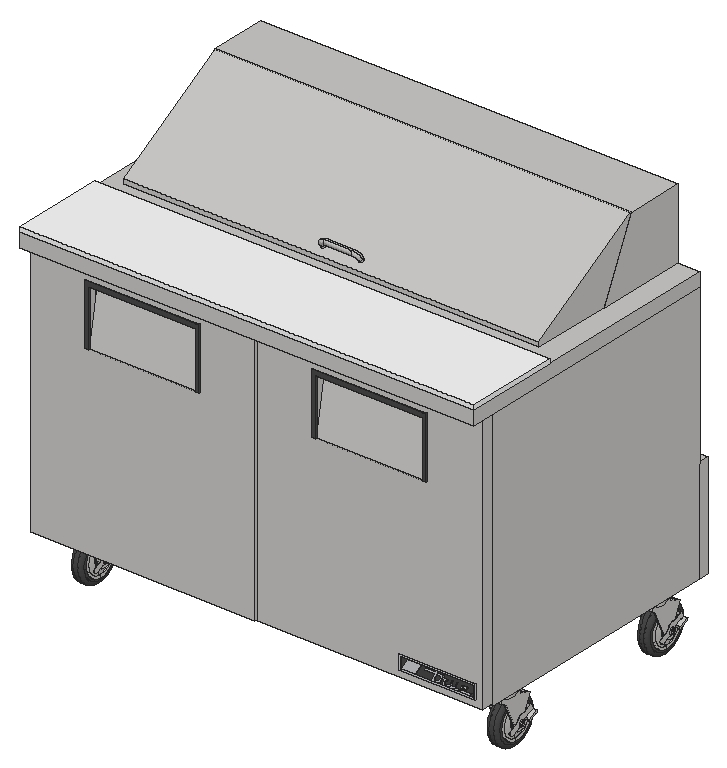
Revit family "QF_TRUE_TSSU-48-12-HC", category Specialty Equipment, Revit 2016
Family settings
  Part Type = Normal
  Round Connector Dimension = Use Diameter
  Work Plane-Based = No
  Always vertical = Yes
  Cut with Voids When Loaded = No
  Shared = No
  Room Calculation Point = No
Parameters
  Weight in Pounds = 340
  Watts = if(Phase = 3, Volts * FL Amps * 1.73, Volts * FL Amps)  # 667 W
  Volts = 115 V
  URL Cutsheet = ""
  Specification by User = ""
  Specification by Manufacturer = ""
  Show Seismic Flanged [instance] = yes
  Show Logo [instance] = yes
  Show Legs [instance] = yes
  Show Clearance [instance] = yes
  Show 6 Inches Castors [instance] = if(Show 2.5 Inches Castors, or(Show Legs, Show Seismic Flanged), if(Show Seismic Flanged, Show Legs, not(or(Show Legs, Show Seismic Flanged, Show 2.5 Inches Castors))))  # yes
  Show 2.5 Inches Castors [instance] = yes
  Serial Number = ""
  Seismic Rating = ""
  Seismic Flanged [instance] = and(Show Seismic Flanged, not(Show 6 Inches Castors))  # no
  SMACNA No = ""
  Revision Code = ""
  Phase = 1
  Number of Poles = 1
  NAFEM Spec ID Number = ""
  Model = "TSSU-48-12-HC"
  Min Ckt Ampacity = 0 A
  Max Overcurrent Protection = 0 A
  Masterspec = ""
  Manufacturer = "TRUE"
  Length = 48 5/16"
  Legs [instance] = and(not(Show 2.5 Inches Castors), or(Show Legs, Show Seismic Flanged))  # no
  Item Number = ""
  Installed By = ""
  Identify Quantity as Lot = yes
  Height = 42 15/16"
  HP = "1/3"
  Furnished By = ""
  Foodservice Equipment Identifier = yes
  FL Amps = 5.8 A
  Electrical Remarks = ""
  Electric Connection Type = ""
  Elec Conn RI Height = 0"
  Elec Conn Connection Height = 0"
  Description = "SOLID DOOR SANDWICH/SALAD UNIT WITH HYDROCARBON REFRIGERANT"
  Depth = 30 1/16"
  Cycle = 60 Hz
  Conn Plug = "NEMA 5-15P"
  Conn Conduit = yes
  CSI MasterFormat = ""
  Base Height [instance] = if(Show 6 Inches Castors, 6 3/16", if(Show 2.5 Inches Castors, 2 1/2", if(Show Legs, 6", if(Show Seismic Flanged, 6", 6 3/16"))))  # 6 3/16"
  Apparent Power = if(Phase = 3, Volts * FL Amps * 1.73, Volts * FL Amps)  # 667 VA
  2.5 Inches Castors [instance] = and(Show 2.5 Inches Castors, not(Show 6 Inches Castors))  # no
Reference planes (in)
  plane 1 "BACK": y = 0
  plane 2: z = 0
  plane 3 "LEFT": x = 0
  plane 4 "RIGHT": x = 48.3125
  plane 5 "FRONT": y = -30.0625
  plane 6 "TOP": z = 42.9375
  plane 7 "Center Y": x = 24.15625
  plane 8 "Center X": y = -15.03125
  plane 9: y = 1
  plane 10: y = -51.53125
  plane 11: x = 2.5
  plane 12: x = 45.8125
  plane 13: z = 6.1875
Forms (in)
  Extrusion 1, solid, material "QF_Metal - Stainless - Polished"
    sketch origin (48.3125, 1, 6.1875) x (-1, 0, 0) y (0, 0, 1)
      loop
        circle (24.15625, 8.48894) r 0.25
    from 0 to 1
Dimensions and locks (in)
  equal spacing: plane 3 "LEFT", plane 7 "Center Y", plane 4 "RIGHT"
  "Length": plane 3 "LEFT" to plane 4 "RIGHT"
  equal spacing: plane 5 "FRONT", plane 8 "Center X", plane 1 "BACK"
  "Depth": plane 5 "FRONT" to plane 1 "BACK"
  "Height": plane 6 "TOP" to level
  plane 5 "FRONT" to plane 1 "BACK" = 30 1/16"
  plane 6 "TOP" to plane 13 = 36 3/4"
  plane 4 "RIGHT" to plane 3 "LEFT" = 48 5/16"
  plane 10 to plane 9 = 52 17/32"
  plane 10 to plane 5 "FRONT" = 21 15/32"  (x2)
  plane 9 to plane 10 = 52 17/32"
  locked: plane 11 to plane 3 "LEFT" at 2.5
  locked: plane 12 to plane 4 "RIGHT" at 2.5
  nested 5 to nested 5 = 6 1/8"
  plane 1 "BACK" to plane 9 = 1"
  nested 5 to nested 5 = 10 3/4"
  nested 5 to nested 5 = 1/2"
  nested 5 to nested 5 to nested 5 = 44 7/16", 1 17/32"
  plane 6 "TOP" to nested 5 to plane 13 = 7", 29 3/4"
  nested 5 to level = 35 15/16"
  nested 5 to nested 5 to plane 4 "RIGHT" = 12 5/8", 19 5/8"
  "Base Height": plane 13 to level
  aligned and locked: level to plane 2
  aligned and locked: plane 12 to nested 4
  aligned and locked: plane 12 to nested 2
  aligned and locked: plane 13 to nested 5
Automatic sketch dimensions
  Extrusion 1 sketch curve to nested 5 = 2.63606"
  nested 5 to Extrusion 1 sketch curve = 24 5/32"
  radius of Extrusion 1 sketch curve = 1/4"
Nested families (in)
  nested 1: "CASTORS" at (2.5, -4.5, 0), Show 2.5" Casters <- "2.5 Inches Castors", Show 6" Casters <- "Show 6 Inches Castors", Show Standard Legs <- "Legs", Show Seismic flanged legs <- "Seismic Flanged", type "CASTORS"
    with Type Mark "", Status "", Specification by User "", Show Standard Legs no, Show Seismic flanged legs no, Show 6" Casters yes, Show 2.5" Casters no, Revision Code "", Key Locks yes, Item Number "", Installed By "", Identify Quantity as Lot yes, Furnished By "", Foodservice Equipment Identifier yes
  nested 2: "CASTORS" at (46.72297, -4.5, 0), Show 2.5" Casters <- "2.5 Inches Castors", Show 6" Casters <- "Show 6 Inches Castors", Show Standard Legs <- "Legs", Show Seismic flanged legs <- "Seismic Flanged", type "CASTORS"
    with Type Mark "", Status "", Specification by User "", Show Standard Legs no, Show Seismic flanged legs no, Show 6" Casters yes, Show 2.5" Casters no, Revision Code "", Key Locks yes, Item Number "", Installed By "", Identify Quantity as Lot yes, Furnished By "", Foodservice Equipment Identifier yes
  nested 3: "CASTORS" at (2.5, -24.5, 0), Show 2.5" Casters <- "2.5 Inches Castors", Show 6" Casters <- "Show 6 Inches Castors", Show Standard Legs <- "Legs", Show Seismic flanged legs <- "Seismic Flanged", type "CASTORS"
    with Type Mark "", Status "", Specification by User "", Show Standard Legs no, Show Seismic flanged legs no, Show 6" Casters yes, Show 2.5" Casters no, Revision Code "", Key Locks yes, Item Number "", Installed By "", Identify Quantity as Lot yes, Furnished By "", Foodservice Equipment Identifier yes
  nested 4: "CASTORS" at (46.72297, -24.5, 0), Show 2.5" Casters <- "2.5 Inches Castors", Show 6" Casters <- "Show 6 Inches Castors", Show Standard Legs <- "Legs", Show Seismic flanged legs <- "Seismic Flanged", type "CASTORS"
    with Type Mark "", Status "", Specification by User "", Show Standard Legs no, Show Seismic flanged legs no, Show 6" Casters yes, Show 2.5" Casters no, Revision Code "", Key Locks yes, Item Number "", Installed By "", Identify Quantity as Lot yes, Furnished By "", Foodservice Equipment Identifier yes
  nested 5: "TSSU-48-12-HC" at (0, 0, 2.25), type "TSSU-48-12-HC"
Connectors (in)
  electrical at (24.15625, 2, 14.67644), driven by "Volts", driven by "Apparent Power"
    settings: on Extrusion 1, index 1, voltage 115 V, apparent load 0 VA, apparent load phase1 667 VA, apparent load phase2 0 VA, apparent load phase3 0 VA, power factor 1, load classification "Other", number of poles 1, system type 31, power factor state 1, is connector primary yes, connector utility no, sub classification motor no, connector description "ELECTRICAL INLET"
Definition of nested family "CASTORS"
  Parameters (values of type "CASTORS")
    Weight = ""
    URL Manufacturer = ""
    URL Cutsheet = ""
    URL = ""
    Type Mark [instance] = ""
    Status [instance] = ""
    Specification by User [instance] = ""
    Specification by Manufacturer = ""
    Show Standard Legs [instance] = yes
    Show Seismic flanged legs [instance] = yes
    Show 6" Casters [instance] = yes
    Show 2.5" Casters [instance] = yes
    Serial Number = ""
    Seismic Rating = ""
    SMACNA No = ""
    Revision Code [instance] = ""
    Omniclass Number and Title = ""
    NAFEM Spec ID Number = ""
    Model = ""
    MasterSpec. = ""
    Manufacturer = ""
    Key Locks [instance] = yes
    Item Number [instance] = ""
    Installed By [instance] = ""
    Identify Quantity as Lot [instance] = yes
    Furnished By [instance] = ""
    Foodservice Equipment Identifier [instance] = yes
    Description = ""
    CSI MasterFormat = ""
    CSI Master Format = ""
    Assembly Code = ""
  Reference planes (in)
    plane 1: z = 0
    plane 2 "RIGHT": x = 0
    plane 3 "FRONT": y = 0
    plane 4 "TOP": z = 6
    plane 5: z = 6.1875
  Forms (in)
    Revolve 1, solid, visible <- "Show 6" Casters"
      sketch origin (0, 2.21793, 0) x (0, 1, 0) y (0, 0, 1)
        loop
          line (-2.21793, 6.1875) -> (-2.21793, 5.55584) -> (-0.93693, 5.55584) -> (-0.93693, 6.1875) -> (-2.21793, 6.1875)
        axis (-2.21793, 5.55584) -> (-2.21793, 6.1875)
      angle from 0 to 360
    Extrusion 2, solid, visible <- "Show 6" Casters"
      sketch origin (-1.81294, 2.21793, 0) x (0, 1, 0) y (0, 0, 1)
        loop
          line (-3.37793, 5.55584) -> (-3.37793, 5.25584) -> (-3.23369, 5.25584)
          arc (-3.23369, 5.25584) -> (-3.1238, 5.20977) -> (-3.03725, 5.12786) r 0.33195
          line (-3.03725, 5.12786) -> (-1.55521, 1.94961)
          arc (-1.55521, 1.94961) -> (-0.54268, 1.81523) -> (-0.22336, 2.78544) r 0.8
          arc (-0.22336, 2.78544) -> (-0.27816, 2.89808) -> (-0.34988, 3.00079) r 0.8
          arc (-0.34988, 3.00079) -> (-0.37005, 3.3613) -> (-0.26088, 3.70547) r 1
          line (-0.26088, 3.70547) -> (0.31507, 4.78867)
          arc (0.31507, 4.78867) -> (-0.09241, 4.97284) -> (-0.5252, 5.08531) r 2.63
          line (-0.5252, 5.08531) -> (-0.54193, 5.25584) -> (-1.05793, 5.25584) -> (-1.05793, 5.55584) -> (-3.37793, 5.55584)
      from 0.78968 to 0.90247
    Extrusion 3, solid, visible <- "Show 6" Casters"
      sketch origin (0.13094, 2.21793, 0) x (0, 1, 0) y (0, 0, 1)
        loop
          line (-3.37793, 5.55584) -> (-3.37793, 5.25584) -> (-3.23369, 5.25584)
          arc (-3.23369, 5.25584) -> (-3.1238, 5.20977) -> (-3.03725, 5.12786) r 0.33195
          line (-3.03725, 5.12786) -> (-1.55521, 1.94961)
          arc (-1.55521, 1.94961) -> (-0.54268, 1.81523) -> (-0.22336, 2.78544) r 0.8
          arc (-0.22336, 2.78544) -> (-0.27816, 2.89808) -> (-0.34988, 3.00079) r 0.8
          arc (-0.34988, 3.00079) -> (-0.37005, 3.3613) -> (-0.26088, 3.70547) r 1
          line (-0.26088, 3.70547) -> (0.31507, 4.78867)
          arc (0.31507, 4.78867) -> (-0.09241, 4.97284) -> (-0.5252, 5.08531) r 2.63
          line (-0.5252, 5.08531) -> (-0.54193, 5.25584) -> (-1.05793, 5.25584) -> (-1.05793, 5.55584) -> (-3.37793, 5.55584)
      from 0.78968 to 0.90247
    Extrusion 4, solid, visible <- "Show 6" Casters"
      sketch origin (-1.93794, 2.21793, 0) x (0, 1, 0) y (0, 0, 1)
        loop
          line (-3.37793, 5.55584) -> (-3.37793, 5.25584) -> (-3.23369, 5.25584) -> (-0.7432, 5.03796) -> (0.2811, 4.72479) -> (0.31507, 4.78867)
          arc (0.31507, 4.78867) -> (-0.09241, 4.97284) -> (-0.5252, 5.08531) r 2.63
          line (-0.5252, 5.08531) -> (-0.54193, 5.25584) -> (-1.05793, 5.25584) -> (-1.05793, 5.55584) -> (-3.37793, 5.55584)
      from 1.02747 to 2.85669
    Revolve 5, solid, visible <- "Show 6" Casters"
      sketch origin (-1.93794, 1.21343, 0) x (1, 0, 0) y (0, 0, 1)
        loop
          line (0.5843, 2.5041) -> (3.2907, 2.5041) -> (3.2907, 2.6421) -> (3.2407, 2.6921) -> (3.1807, 2.6921) -> (3.1807, 2.8278) -> (2.7025, 2.8278) -> (2.7025, 3.22009) -> (2.5625, 3.30092) -> (2.42847, 4.1291) -> (2.59375, 4.1291) -> (2.59375, 4.3791) -> (2.5625, 4.3791) -> (2.5625, 4.6291)
          arc (2.5625, 4.6291) -> (2.45267, 4.89426) -> (2.1875, 5.0041) r 0.375
          line (2.1875, 5.0041) -> (1.6875, 5.0041)
          arc (1.6875, 5.0041) -> (1.42233, 4.89426) -> (1.3125, 4.6291) r 0.375
          line (1.3125, 4.6291) -> (1.3125, 4.3791) -> (1.28125, 4.3791) -> (1.28125, 4.1291) -> (1.44653, 4.1291) -> (1.31307, 3.30443) -> (1.1725, 3.22327) -> (1.1725, 2.8278) -> (0.6943, 2.8278) -> (0.6943, 2.6921) -> (0.6343, 2.6921) -> (0.5843, 2.6421) -> (0.5843, 2.5041)
        axis (0.5843, 2.5041) -> (3.2907, 2.5041)
      angle from 0 to 360
    Extrusion 6, solid, visible <- "Show 6" Casters"
      sketch origin (1.125, 2.28164, 0.06473) x (0, 1, 0) y (0, 0, 1)
        loop
          line (-2.58496, 2.03961) -> (-2.48146, 1.86034)
          arc (-2.48146, 1.86034) -> (-2.2914, 1.71451) -> (-2.05389, 1.74578) r 0.313
          line (-2.05389, 1.74578) -> (-1.65224, 1.97767)
          arc (-1.65224, 1.97767) -> (-1.57675, 2.00894) -> (-1.49574, 2.01961) r 0.313
          line (-1.49574, 2.01961) -> (-0.75504, 2.01961)
          arc (-0.75504, 2.01961) -> (-0.50047, 2.10967) -> (-0.33862, 2.32583) r 0.46592
          arc (-0.33862, 2.32583) -> (-0.3435, 2.357) -> (-0.36609, 2.37904) r 0.05
          arc (-0.36609, 2.37904) -> (-0.62217, 2.51108) -> (-0.52795, 2.78336) r 0.22
          line (-0.52795, 2.78336) -> (0.14284, 3.17074)
          arc (0.14284, 3.17074) -> (0.24081, 3.14321) -> (0.21087, 3.04595) r 0.07109
          line (0.21087, 3.04595) -> (0.3415, 2.91533)
          arc (0.3415, 2.91533) -> (0.46473, 3.10362) -> (0.42979, 3.32592) r 0.313
          line (0.42979, 3.32592) -> (0.23309, 3.66661) -> (-0.54633, 3.21661)
          arc (-0.54633, 3.21661) -> (-0.67098, 3.20163) -> (-0.79652, 3.20306) r 0.9589
          arc (-0.79652, 3.20306) -> (-1.13602, 3.13035) -> (-1.38688, 2.89031) r 0.63657
          arc (-1.38688, 2.89031) -> (-1.45411, 2.76529) -> (-1.53273, 2.64711) r 1.51617
          line (-1.53273, 2.64711) -> (-1.89213, 2.43961) -> (-2.58496, 2.03961)
      from 0 to 0.0625
    Extrusion 7, solid, visible <- "Show 6" Casters"
      sketch origin (1.125, 2.28164, 0.06473) x (0, 1, 0) y (0, 0, 1)
        loop
          arc (-0.45692, 2.6604) -> (-0.48136, 2.54745) -> (-0.36656, 2.53415) r 0.078
          line (-0.36656, 2.53415) -> (0.3415, 2.91533)
          arc (0.3415, 2.91533) -> (0.44304, 3.03852) -> (0.47061, 3.19578) r 0.313
          line (0.47061, 3.19578) -> (-0.45692, 2.6604)
      from 0 to 0.5
    Extrusion 8, solid, visible <- "Show 6" Casters"
      sketch origin (-1.125, 2.28164, 0.06473) x (0, 1, 0) y (0, 0, -1)
        loop
          line (-2.58496, -2.03961) -> (-1.89213, -2.43961) -> (-1.53273, -2.64711)
          arc (-1.53273, -2.64711) -> (-1.45411, -2.76529) -> (-1.38688, -2.89031) r 1.51617
          arc (-1.38688, -2.89031) -> (-1.13602, -3.13035) -> (-0.79652, -3.20306) r 0.63657
          arc (-0.79652, -3.20306) -> (-0.67098, -3.20163) -> (-0.54633, -3.21661) r 0.9589
          line (-0.54633, -3.21661) -> (0.23309, -3.66661) -> (0.42979, -3.32592)
          arc (0.42979, -3.32592) -> (0.46473, -3.10362) -> (0.3415, -2.91533) r 0.313
          line (0.3415, -2.91533) -> (0.21087, -3.04595)
          arc (0.21087, -3.04595) -> (0.24081, -3.14321) -> (0.14284, -3.17074) r 0.07109
          line (0.14284, -3.17074) -> (-0.52795, -2.78336)
          arc (-0.52795, -2.78336) -> (-0.62217, -2.51108) -> (-0.36609, -2.37904) r 0.22
          arc (-0.36609, -2.37904) -> (-0.3435, -2.357) -> (-0.33862, -2.32583) r 0.05
          arc (-0.33862, -2.32583) -> (-0.50047, -2.10967) -> (-0.75504, -2.01961) r 0.46592
          line (-0.75504, -2.01961) -> (-1.49574, -2.01961)
          arc (-1.49574, -2.01961) -> (-1.57675, -2.00894) -> (-1.65224, -1.97767) r 0.313
          line (-1.65224, -1.97767) -> (-2.05389, -1.74578)
          arc (-2.05389, -1.74578) -> (-2.2914, -1.71451) -> (-2.48146, -1.86034) r 0.313
          line (-2.48146, -1.86034) -> (-2.58496, -2.03961)
      from 0 to 0.0625
    Extrusion 9, solid, visible <- "Show 6" Casters"
      sketch origin (-1.125, 2.28164, 0.06473) x (0, 1, 0) y (0, 0, -1)
        loop
          line (-0.45692, -2.6604) -> (0.47061, -3.19578)
          arc (0.47061, -3.19578) -> (0.44304, -3.03852) -> (0.3415, -2.91533) r 0.313
          line (0.3415, -2.91533) -> (-0.36656, -2.53415)
          arc (-0.36656, -2.53415) -> (-0.48136, -2.54745) -> (-0.45692, -2.6604) r 0.078
      from 0 to 0.5
    Revolve 10, solid, visible <- "Show Standard Legs"
      sketch origin (11.12172, 0, 0) x (-1, 0, 0) y (0, 0, -1)
        loop
          line (11.12172, -6.125) -> (11.12172, 0) -> (10.62172, 0) -> (10.62172, -1.30261) -> (10.37172, -1.30261) -> (10.37172, -6.125) -> (11.12172, -6.125)
        axis (11.12172, 0) -> (11.12172, -6.125)
      angle from 0 to 360
    Extrusion 11, solid, visible <- "Show Seismic flanged legs"
      sketch origin (0, 0, 0) x (1, 0, 0) y (0, 1, 0)
        loop
          circle (-0.00825, 0) r 1
      from 0 to 0.125
    Revolve 12, solid, visible <- "Show Seismic flanged legs"
      sketch origin (11.12172, 0, 0) x (-1, 0, 0) y (0, 0, -1)
        loop
          line (11.12172, -6.125) -> (11.12172, -0.125) -> (10.62172, -0.125) -> (10.62172, -1.30261) -> (10.37172, -1.30261) -> (10.37172, -6.125) -> (11.12172, -6.125)
        axis (11.12172, -0.125) -> (11.12172, -6.125)
      angle from 0 to 360
    Revolve 13, solid, visible <- "Show Standard Legs"
      sketch origin (-2.21793, 0, 0.25) x (-1, 0, 0) y (0, 0, 1)
        loop
          line (-2.21793, 5.875) -> (-2.21793, 5.55584) -> (-0.93693, 5.55584) -> (-0.93693, 5.875) -> (-2.21793, 5.875)
        axis (-2.21793, 5.55584) -> (-2.21793, 5.875)
      angle from 0 to 360
  Cuts and joins
    joined: Extrusion 2, Extrusion 3, Extrusion 4
  Lines and regions (in)
    symbolic lines, visible <- "Show 6" Casters"
      curve 1: line (0.70901, 2.6399, 0) -> (1.79507, 2.01286, 0)
      curve 2: line (-1.79099, -1.69023, 0) -> (-0.91599, -0.17468, 0)
      curve 3: line (-0.70493, -2.31727, 0) -> (-1.79099, -1.69023, 0)
      curve 4: line (1.79507, 2.01286, 0) -> (0.92007, 0.49732, 0)
      curve 5: line (-0.16599, 1.12436, 0) -> (0.70901, 2.6399, 0)
      curve 6: line (0.17007, -0.80172, 0) -> (-0.70493, -2.31727, 0)
  Dimensions and locks (in)
    plane 4 "TOP" to level = 6"  (x2)
    Revolve 5 sketch curve to Revolve 5 sketch curve = 2 1/2"
    plane 5 to level = 6 3/16"
    locked: Revolve 10 sketch curve to Revolve 10 sketch curve at 1.30261
    locked: Revolve 10 sketch curve to Revolve 10 sketch curve at 0.75
    locked: Revolve 12 sketch curve to Revolve 12 sketch curve at 0.75
    aligned and locked: level to plane 1
  Nested families (in)
    nested 1: "2.5 INCHES_CASTER" at (0, 0, 0), visible <- "Show 2.5" Casters", type "2.5 INCHES_CASTER"
      with Type Mark "", Specification by User "", Revision Code "", Item Number "", Installed By "", Identify Quantity as Lot yes, Furnished By "", Foodservice Equipment Identifier yes, 2.5 Inches Caster yes
  Definition of nested family "2.5 INCHES_CASTER"
    Parameters (values of type "2.5 INCHES_CASTER")
      Weight = ""
      URL Manufacturer = ""
      URL Cutsheet = ""
      URL = ""
      Type Mark [instance] = ""
      Specification by User [instance] = ""
      Specification by Manufacturer = ""
      Serial Number = ""
      Seismic Rating = ""
      SMACNA No = ""
      Revision Code [instance] = ""
      Omniclass Number and Title = ""
      NAFEM Spec ID Number = ""
      Model = ""
      MasterSpec. = ""
      Manufacturer = ""
      Item Number [instance] = ""
      Installed By [instance] = ""
      Identify Quantity as Lot [instance] = yes
      Furnished By [instance] = ""
      Foodservice Equipment Identifier [instance] = yes
      Description = ""
      CSI MasterFormat = ""
      CSI Master Format = ""
      Assembly Code = ""
      2.5 Inches Caster [instance] = yes
    Reference planes (in)
      plane 1: z = 0
      plane 2 "RIGHT": x = 0
      plane 3 "FRONT": y = 0
      plane 4 "TOP": z = 2.5
    Forms (in)
      Revolve 1, solid
        sketch origin (-1.93794, 0.46818, -1.0041) x (1, 0, 0) y (0, 0, 1)
          loop
            line (0.74055, 1.92597) -> (0.74055, 1.85047) -> (0.79055, 1.80047) -> (0.85055, 1.80047) -> (0.85055, 1.6804) -> (1.235, 1.6804) -> (1.235, 1.61305) -> (1.38673, 1.52545) -> (1.4003, 1.4416) -> (1.34375, 1.4416) -> (1.34375, 1.3166) -> (1.375, 1.3166) -> (1.375, 1.0041) -> (2.48438, 1.0041) -> (2.48438, 1.3166) -> (2.51563, 1.3166) -> (2.51563, 1.4416) -> (2.45908, 1.4416) -> (2.47322, 1.52897) -> (2.62438, 1.61624) -> (2.62438, 1.6804) -> (3.04007, 1.6804) -> (3.04007, 1.80047) -> (3.10007, 1.80047) -> (3.15007, 1.85047) -> (3.15007, 1.92597) -> (0.74055, 1.92597)
          axis (0.74055, 1.92597) -> (3.15007, 1.92597)
        angle from 0 to 360
      Extrusion 2, solid
        sketch origin (-1.93794, 1.43296, -3.2541) x (0, 1, 0) y (0, 0, 1)
          loop
            line (-0.64294, 5.43229) -> (-0.64294, 5.55298) -> (-2.21294, 5.55298) -> (-2.21294, 5.30272) -> (-1.81966, 5.30272)
            arc (-1.81966, 5.30272) -> (-1.13638, 5.20789) -> (-0.46376, 5.05475) r 8.02767
            arc (-0.46376, 5.05475) -> (-0.19511, 4.95469) -> (0.05138, 4.80832) r 1.60049
            line (0.05138, 4.80832) -> (0.12713, 4.91318)
            arc (0.12713, 4.91318) -> (-0.07255, 5.06376) -> (-0.29048, 5.18644) r 1.8753
            line (-0.29048, 5.18644) -> (-0.22239, 5.30423)
            arc (-0.22239, 5.30423) -> (-0.42776, 5.38437) -> (-0.64294, 5.43229) r 1.44292
        from 1.17357 to 2.70231
      Revolve 3, solid
        sketch origin (0, 1.73858, -3.75) x (0, 1, 0) y (0, 0, 1)
          loop
            line (-1.73858, 6.25) -> (-1.73858, 6.04889) -> (-1.05793, 6.04889) -> (-1.05793, 6.25) -> (-1.73858, 6.25)
          axis (-1.73858, 6.04889) -> (-1.73858, 6.25)
        angle from 0 to 360
      Extrusion 4, solid
        sketch origin (-1.98481, 1.43296, -1.7541) x (0, 1, 0) y (0, 0, 1)
          loop
            line (-2.21294, 4.05298) -> (-2.21294, 3.80272) -> (-2.13999, 3.80272)
            arc (-2.13999, 3.80272) -> (-1.62379, 3.51899) -> (-1.39241, 2.97729) r 0.90292
            arc (-1.39241, 2.97729) -> (-1.36136, 2.78161) -> (-1.29729, 2.59413) r 1.15385
            arc (-1.29729, 2.59413) -> (-0.94802, 2.37355) -> (-0.6121, 2.61396) r 0.37001
            arc (-0.6121, 2.61396) -> (-0.59625, 2.66241) -> (-0.58446, 2.712) r 0.61695
            arc (-0.58446, 2.712) -> (-0.36134, 3.11665) -> (0.05609, 3.31484) r 0.75313
            line (0.05609, 3.31484) -> (0.12713, 3.41318)
            arc (0.12713, 3.41318) -> (-0.07255, 3.56376) -> (-0.29048, 3.68644) r 1.8753
            line (-0.29048, 3.68644) -> (-0.22239, 3.80423)
            arc (-0.22239, 3.80423) -> (-0.42776, 3.88437) -> (-0.64294, 3.93229) r 1.44292
            line (-0.64294, 3.93229) -> (-0.64294, 4.05298) -> (-2.21294, 4.05298)
        from 2.74918 to 2.90825
      Extrusion 5, solid
        sketch origin (1.98481, 1.43296, -1.7541) x (0, 1, 0) y (0, 0, -1)
          loop
            line (-2.21294, -4.05298) -> (-0.64294, -4.05298) -> (-0.64294, -3.93229)
            arc (-0.64294, -3.93229) -> (-0.42776, -3.88437) -> (-0.22239, -3.80423) r 1.44292
            line (-0.22239, -3.80423) -> (-0.29048, -3.68644)
            arc (-0.29048, -3.68644) -> (-0.07255, -3.56376) -> (0.12713, -3.41318) r 1.8753
            line (0.12713, -3.41318) -> (0.05609, -3.31484)
            arc (0.05609, -3.31484) -> (-0.36134, -3.11665) -> (-0.58446, -2.712) r 0.75313
            arc (-0.58446, -2.712) -> (-0.59625, -2.66241) -> (-0.6121, -2.61396) r 0.61695
            arc (-0.6121, -2.61396) -> (-0.94802, -2.37355) -> (-1.29729, -2.59413) r 0.37001
            arc (-1.29729, -2.59413) -> (-1.36136, -2.78161) -> (-1.39241, -2.97729) r 1.15385
            arc (-1.39241, -2.97729) -> (-1.62379, -3.51899) -> (-2.13999, -3.80272) r 0.90292
            line (-2.13999, -3.80272) -> (-2.21294, -3.80272) -> (-2.21294, -4.05298)
        from 2.74918 to 2.90825
    Lines and regions (in)
      symbolic lines, visible <- "2.5 Inches Caster"
        curve 1: line (0.19673, 1.08498, 0) -> (0.89966, 0.67914, 0)
        curve 2: line (-0.80327, -0.64707, 0) -> (0.19673, 1.08498, 0)
        curve 3: line (-0.10034, -1.05291, 0) -> (-0.80327, -0.64707, 0)
        curve 4: line (0.89966, 0.67914, 0) -> (-0.10034, -1.05291, 0)
    Dimensions and locks (in)
      plane 4 "TOP" to level = 2 1/2"  (x2)
      aligned and locked: level to plane 1
Definition of nested family "TSSU-48-12-HC"
  Parameters (values of type "TSSU-48-12-HC")
    Show Logo [instance] = yes
    Show Clearance [instance] = yes
    Model = ""
    Manufacturer = ""
    Description = ""
  Reference planes (in)
    plane 1 "BACK": y = 0
    plane 2: z = 0
    plane 3 "LEFT": x = 0
    plane 4 "RIGHT": x = 48.3125
    plane 5 "FRONT": y = -30.0625
    plane 6 "TOP": z = 40.6875
    plane 7 "Center Y": x = 24.15625
    plane 8 "Center X": y = -15.03125
    plane 9: y = 1
    plane 10: y = -51.53125
    plane 11: x = 1.53125
    plane 12: x = 45.96875
    plane 13: z = 45.79418
  Forms (in)
    Extrusion 1, solid, visible <- "Show Clearance", detail levels coarse
      sketch origin (0, 0.5, 0) x (0, 1, 0) y (0, 0, 1)
        loop
          line (-6.625, 40.6875) -> (-10.375, 44.4375)
          arc (-10.375, 44.4375) -> (-16.31632, 40.41452) -> (-18.8125, 33.6875) r 11.75537
          line (-18.8125, 33.6875) -> (-6.625, 40.6875)
      from 1.66278 to 45.84117
    Extrusion 2, solid
      sketch origin (0, 1, 0) x (0, 1, 0) y (0, 0, 1)
        loop
          line (-31.0625, 33.1875) -> (-31.0625, 31.6875) -> (-1, 31.6875) -> (-1, 33.1875) -> (-31.0625, 33.1875)
      from 0 to 48.3125
    Extrusion 3, solid
      sketch origin (0, 1, 0) x (0, 1, 0) y (0, 0, 1)
        loop
          line (-31.0625, 33.1875) -> (-21.0625, 33.1875) -> (-21.0625, 33.6875) -> (-31.0625, 33.6875) -> (-31.0625, 33.1875)
      from 0 to 48.3125
    Extrusion 4, solid
      sketch origin (0, 1, 0) x (0, 1, 0) y (0, 0, 1)
        loop
          line (-1, 40.6875) -> (-7.125, 40.6875) -> (-10.78299, 33.1875) -> (-1, 33.1875) -> (-1, 40.6875)
      from 1.53125 to 45.96875
    Extrusion 5, solid
      sketch origin (0, 1, 0) x (0, 1, 0) y (0, 0, 1)
        loop
          line (-7.125, 40.6875) -> (-19.3125, 33.6875) -> (-19.3125, 33.1875) -> (-10.78299, 33.1875) -> (-7.125, 40.6875)
      from 1.66278 to 45.84117
    Extrusion 6, solid
      sketch origin (0, 1, 0) x (0, 1, 0) y (0, 0, 1)
        loop
          line (-1, 31.6875) -> (-28.5625, 31.6875) -> (-28.5625, 3.9375) -> (-1, 3.9375) -> (-1, 31.6875)
      from 0 to 48.3125
    Extrusion 7, solid
      sketch origin (64.0625, -27.5625, 31.6875) x (0, 0, -1) y (-1, 0, 0)
        loop
          line (0.125, 63.9375) -> (0.125, 40.03125) -> (27.625, 40.03125) -> (27.625, 63.9375) -> (0.125, 63.9375)
        loop
          line (0.125, 15.875) -> (27.625, 15.875) -> (27.625, 39.78125) -> (0.125, 39.78125) -> (0.125, 15.875)
        loop
          line (1.46362, 58.04688) -> (1.46362, 45.92188) -> (7.96362, 45.92188) -> (7.96362, 58.04688) -> (1.46362, 58.04688)
        loop
          line (1.46362, 21.76562) -> (7.96362, 21.76562) -> (7.96362, 33.89062) -> (1.46362, 33.89062) -> (1.46362, 21.76562)
      from 0 to -1.25
    Extrusion 8, solid
      sketch origin (64.0625, -28.8125, 31.6875) x (0, 0, 1) y (-1, 0, 0)
        loop
          line (-7.96362, 58.04688) -> (-7.96362, 57.67188) -> (-1.96362, 57.67188) -> (-1.96362, 46.29688) -> (-7.96362, 46.29688) -> (-7.96362, 45.92188) -> (-1.46362, 45.92188) -> (-1.46362, 58.04688) -> (-7.96362, 58.04688)
        loop
          line (-7.96362, 21.76562) -> (-1.46362, 21.76562) -> (-1.46362, 33.89062) -> (-7.96362, 33.89062) -> (-7.96362, 33.51562) -> (-1.96362, 33.51562) -> (-1.96362, 22.14062) -> (-7.96362, 22.14062) -> (-7.96362, 21.76562)
      from 0 to 0.125
    Extrusion 9, solid
      sketch origin (0, 1, 0) x (0, 1, 0) y (0, 0, 1)
        loop
          line (-1, 3.9375) -> (0, 3.9375) -> (0, 15.0625) -> (-1, 15.0625) -> (-1, 3.9375)
      from 0 to 48.3125
    Revolve 10, solid
      sketch origin (6, 1, 0) x (0, 1, 0) y (0, 0, 1)
        loop
          line (-0.60959, 28.75269) -> (-1, 28.75269) -> (-1, 28.1431) -> (0, 28.1431)
          arc (0, 28.1431) -> (-0.17855, 28.57414) -> (-0.60959, 28.75269) r 0.60959
        axis (0, 28.1431) -> (-1, 28.1431)
      angle from 0 to 360
    Extrusion 11, solid
      sketch origin (-6.875, 1, 0) x (0, 1, 0) y (0, 0, 1)
        loop
          line (-1.5, 3.9375) -> (-24.63489, 3.9375) -> (-24.63489, 1.625) -> (-1.5, 1.625) -> (-1.5, 3.9375)
      from 22.9375 to 35.5625
    Extrusion 12, solid
      sketch origin (0, 1, 0) x (0, 1, 0) y (0, 0, 1)
        loop
          line (-29.8125, 23.72388) -> (-28.5625, 23.72388) -> (-28.5625, 30.22388) -> (-29.8125, 23.72388)
      from 17.76562 to 6.39062
    Extrusion 13, solid
      sketch origin (60.3125, 1, 0) x (0, 1, 0) y (0, 0, -1)
        loop
          line (-29.8125, -23.72388) -> (-28.5625, -30.22388) -> (-28.5625, -23.72388) -> (-29.8125, -23.72388)
      from 29.76562 to 18.39062
    Sweep 14, solid
      path origin (3.93699, 0.20441, 3.45605) x (1, 0, 0) y (0, -0.498053, 0.867146)
        loop
          line (22.25, 35.4375) -> (22.25, 35.6875)
          arc (22.25, 35.6875) -> (22.10355, 36.04105) -> (21.75, 36.1875) r 0.5
          line (21.75, 36.1875) -> (18.75, 36.1875)
          arc (18.75, 36.1875) -> (18.39645, 36.04105) -> (18.25, 35.6875) r 0.5
          line (18.25, 35.6875) -> (18.25, 35.4375)
      profile origin (24.18699, -17.81889, 34.83591) x (0, 0.498053, -0.867146) y (0, -0.867146, -0.498053)
        loop
          circle (0, 0) r 0.25
    Revolve 15, solid
      sketch origin (42.3125, 1, 0) x (0, 1, 0) y (0, 0, -1)
        loop
          arc (-0.60959, -28.75269) -> (-0.17855, -28.57414) -> (0, -28.1431) r 0.60959
          line (0, -28.1431) -> (-1, -28.1431) -> (-1, -28.75269) -> (-0.60959, -28.75269)
        axis (0, -28.1431) -> (-1, -28.1431)
      angle from 0 to 360
    Extrusion 16, solid, visible <- "Show Clearance", detail levels coarse
      sketch origin (0, 0, 0) x (1, 0, 0) y (0, 1, 0)
        loop
          line (24.00174, -28.8125) -> (0.125, -28.8125) -> (0.125, -51.53125)
          arc (0.125, -51.53125) -> (16.60408, -44.94403) -> (24.00174, -28.8125) r 23.90625
        loop
          arc (24.31076, -28.8125) -> (31.70842, -44.94403) -> (48.1875, -51.53125) r 23.90625
          line (48.1875, -51.53125) -> (48.1875, -28.8125) -> (24.31076, -28.8125)
      from 3.9375 to 31.5625
  Lines and regions (in)
    symbolic lines
      curve 1: line (3.78125, -16.31056, 0) -> (43.76515, -16.31056, 0)
      curve 2: line (3.78125, -2.06056, 0) -> (3.78125, -16.31056, 0)
      curve 3: line (43.76515, -2.06056, 0) -> (3.78125, -2.06056, 0)
      curve 4: line (43.76515, -16.31056, 0) -> (43.76515, -2.06056, 0)
      curve 5: line (10.44523, -2.06056, 0) -> (10.44523, -16.31056, 0)
      curve 6: line (23.7732, -2.06056, 0) -> (23.7732, -16.31056, 0)
      curve 7: line (17.10922, -2.06056, 0) -> (17.10922, -16.31056, 0)
      curve 8: line (3.78125, -9.18556, 0) -> (43.76515, -9.18556, 0)
      curve 9: line (0, -30.0625, 0) -> (48.3125, -30.0625, 0)
      curve 10: line (0, 0, 0) -> (0, -30.0625, 0)
      curve 11: line (48.3125, 0, 0) -> (0, 0, 0)
      curve 12: line (48.3125, -30.0625, 0) -> (48.3125, 0, 0)
      curve 13: line (1.53125, 0, 0) -> (1.53125, -9.78299, 0)
      curve 14: line (1.53125, -6.125, 0) -> (45.96875, -6.125, 0)
      curve 15: line (45.96875, -9.78299, 0) -> (45.96875, 0, 0)
      curve 16: line (45.96875, -9.78299, 0) -> (45.46875, -9.78299, 0)
      curve 17: line (45.46875, -6.125, 0) -> (45.46875, -18.3125, 0)
      curve 18: line (45.46875, -18.3125, 0) -> (2.03125, -18.3125, 0)
      curve 19: line (2.03125, -18.3125, 0) -> (2.03125, -6.125, 0)
      curve 20: line (1.53125, -9.78299, 0) -> (2.03125, -9.78299, 0)
      curve 21: line (2.03125, -6.625, 0) -> (45.46875, -6.625, 0)
      curve 22: arc (5.39041, 0.39041, 0) -> (6, 1, 0) -> (6.60959, 0.39041, 0) r 0.60959
      curve 23: line (5.39041, 0.39041, 0) -> (5.39041, 0, 0)
      curve 24: line (6.60959, 0, 0) -> (6.60959, 0.39041, 0)
      curve 25: arc (42.92209, 0.39041, 0) -> (42.3125, 1, 0) -> (41.70291, 0.39041, 0) r 0.60959
      curve 26: line (42.92209, 0.39041, 0) -> (42.92209, 0, 0)
      curve 27: line (41.70291, 0, 0) -> (41.70291, 0.39041, 0)
      curve 28: line (0, -20.0625, 0) -> (48.3125, -20.0625, 0)
      curve 29: line (0.125, -30.0625, 0) -> (21.00923, -39.25933, 0)
      curve 30: arc (21.00923, -39.25933, 0) -> (22.92644, -34.80852, 0) -> (23.90666, -30.0625, 0) r 23.90625
      curve 31: line (48.1875, -30.0625, 0) -> (27.30327, -39.25933, 0)
      curve 32: arc (27.30327, -39.25933, 0) -> (25.38606, -34.80852, 0) -> (24.40584, -30.0625, 0) r 23.90625
      curve 33: line (30.43718, -2.06056, 0) -> (30.43718, -16.31056, 0)
      curve 34: line (37.10116, -2.06056, 0) -> (37.10116, -16.31056, 0)
  Dimensions and locks (in)
    equal spacing: plane 3 "LEFT", plane 7 "Center Y", plane 4 "RIGHT"
    plane 3 "LEFT" to plane 4 "RIGHT" = 48 5/16"
    equal spacing: plane 5 "FRONT", plane 8 "Center X", plane 1 "BACK"
    plane 5 "FRONT" to plane 1 "BACK" = 30 1/16"  (x2)
    plane 6 "TOP" to level = 40 11/16"
    plane 6 "TOP" to Extrusion 6 = 36 3/4"
    plane 4 "RIGHT" to plane 3 "LEFT" = 48 5/16"
    plane 13 to level = 45.79418"
    plane 6 "TOP" to Extrusion 3 to Extrusion 6 to level = 7", 29 3/4", 3 15/16"
    Extrusion 11 to Extrusion 11 to plane 4 "RIGHT" = 12 5/8", 19 5/8"
    Extrusion 3 to level = 33 11/16"
    Extrusion 3 to Extrusion 3 = 1/2"
    level to Extrusion 11 = 1 5/8"
    Extrusion 11 to Extrusion 9 = 2 5/16"
    Extrusion 5 to plane 1 "BACK" to Extrusion 9 = 18 5/16", 1"
    Extrusion 5 to plane 1 "BACK" = 6 1/8"
    Extrusion 1 to Extrusion 3 = 10 3/4"
    plane 10 to plane 9 = 52 17/32"
    plane 10 to plane 5 "FRONT" = 21 15/32"
    plane 4 "RIGHT" to plane 12 to plane 11 to plane 3 "LEFT" = 2 11/32", 44 7/16", 1 17/32"
    equal spacing: curve 3, curve 8, curve 1
    locked: plane 12 to Extrusion 1 at 0.12758
    locked: plane 11 to Extrusion 1 at 0.13153
    aligned and locked: level to plane 2
    aligned and locked: Extrusion 4 to plane 12
    aligned and locked: Extrusion 2 to plane 4 "RIGHT"
    aligned and locked: Extrusion 3 to plane 4 "RIGHT"
    aligned and locked: Extrusion 6 to plane 4 "RIGHT"
    aligned and locked: Extrusion 12 to Extrusion 8  (x2)
    aligned and locked: Extrusion 13 to Extrusion 8  (x2)
    aligned and locked: Extrusion 9 to plane 4 "RIGHT"
    aligned and locked: plane 10 to Extrusion 16 sketch curve
    aligned and locked: curve 30 to Extrusion 16
    aligned and locked: curve 32 to Extrusion 16
    aligned and locked: Extrusion 16 to Extrusion 7
    aligned and locked: Extrusion 6 to Extrusion 16
    aligned and locked: curve 12 to plane 4 "RIGHT"
    aligned and locked: Extrusion 1 to Extrusion 5
    aligned and locked: Extrusion 5 to Extrusion 1
  Automatic sketch dimensions
    Extrusion 1 sketch curve to plane 6 "TOP" = 0"
    Extrusion 1 sketch curve to plane 8 "Center X" = 3 9/32"
    plane 8 "Center X" to Extrusion 1 sketch curve = 5 5/32"
    plane 1 "BACK" to Extrusion 1 sketch curve = 6.56913"
    Extrusion 1 sketch curve to Extrusion 1 sketch curve = 3 3/4"
    Extrusion 1 sketch curve to plane 6 "TOP" = 7"
    Extrusion 1 sketch curve to plane 6 "TOP" = 7.53095"
    Extrusion 2 sketch curve to plane 5 "FRONT" = 0"
    Extrusion 2 sketch curve to plane 1 "BACK" = 0"
    Extrusion 2 sketch curve to plane 6 "TOP" = 9"
    Extrusion 2 sketch curve to Extrusion 2 sketch curve = 1 1/2"
    Extrusion 3 sketch curve to plane 5 "FRONT" = 0"
    Extrusion 3 sketch curve to plane 8 "Center X" = 5 1/32"
    Extrusion 3 sketch curve to plane 6 "TOP" = 7 1/2"
    Extrusion 3 sketch curve to Extrusion 3 sketch curve = 1/2"
    Extrusion 4 sketch curve to plane 6 "TOP" = 0"
    Extrusion 4 sketch curve to plane 1 "BACK" = 0"
    plane 1 "BACK" to Extrusion 4 sketch curve = 6 1/8"
    plane 8 "Center X" to Extrusion 4 sketch curve = 5.24826"
    Extrusion 4 sketch curve to plane 6 "TOP" = 7 1/2"
    Extrusion 5 sketch curve to plane 6 "TOP" = 0"
    Extrusion 5 sketch curve to plane 8 "Center X" = 3 9/32"
    plane 8 "Center X" to Extrusion 5 sketch curve = 5.24826"
    plane 1 "BACK" to Extrusion 5 sketch curve = 6 1/8"
    Extrusion 5 sketch curve to plane 6 "TOP" = 7"
    Extrusion 5 sketch curve to plane 6 "TOP" = 7 1/2"
    Extrusion 6 sketch curve to plane 1 "BACK" = 0"
    Extrusion 6 sketch curve to plane 5 "FRONT" = 2 1/2"
    level to Extrusion 6 sketch curve = 3 15/16"
    Extrusion 6 sketch curve to plane 6 "TOP" = 9"
    Extrusion 9 sketch curve to plane 1 "BACK" = 0"
    Extrusion 9 sketch curve to plane 9 = 0"
    level to Extrusion 9 sketch curve = 3 15/16"
    Extrusion 9 sketch curve to Extrusion 9 sketch curve = 11 1/8"
    Revolve 10 sketch curve to plane 1 "BACK" = 0"
    Revolve 10 sketch curve to plane 9 = 0"  (x2)
    Revolve 10 sketch curve to plane 1 "BACK" = 0.39041"
    Revolve 10 sketch curve to plane 6 "TOP" = 12.5444"
    Revolve 10 sketch curve to Revolve 10 sketch curve = 3 3/4"
    Revolve 10 sketch curve to Revolve 10 sketch curve = 0"
    Extrusion 11 sketch curve to plane 5 "FRONT" = 6.42761"
    plane 1 "BACK" to Extrusion 11 sketch curve = 1/2"
    level to Extrusion 11 sketch curve = 1 5/8"
    Extrusion 11 sketch curve to Extrusion 11 sketch curve = 2 5/16"
    Extrusion 12 sketch curve to plane 5 "FRONT" = 1 1/4"
    Extrusion 12 sketch curve to Extrusion 12 sketch curve = 1 1/4"
    Extrusion 12 sketch curve to plane 6 "TOP" = 16.96362"
    Extrusion 12 sketch curve to Extrusion 12 sketch curve = 6 1/2"
    Extrusion 13 sketch curve to plane 5 "FRONT" = 1 1/4"
    Extrusion 13 sketch curve to Extrusion 13 sketch curve = 1 1/4"
    Extrusion 13 sketch curve to plane 6 "TOP" = 10.46362"
    Extrusion 13 sketch curve to Extrusion 13 sketch curve = 6 1/2"
    Revolve 15 sketch curve to plane 1 "BACK" = 0"
    Revolve 15 sketch curve to plane 9 = 0"  (x2)
    Revolve 15 sketch curve to plane 1 "BACK" = 0.39041"
    Revolve 15 sketch curve to plane 6 "TOP" = 11.93481"
    Revolve 15 sketch curve to Revolve 15 sketch curve = 3 3/4"
    Revolve 15 sketch curve to Revolve 15 sketch curve = 0"
    plane 3 "LEFT" to Extrusion 7 sketch curve = 1/8"
    Extrusion 7 sketch curve to plane 6 "TOP" = 9 1/8"  (x2)
    plane 4 "RIGHT" to Extrusion 7 sketch curve = 1/8"
    Extrusion 7 sketch curve to Extrusion 7 sketch curve = 1.33862"  (x2)
    Extrusion 7 sketch curve to Extrusion 7 sketch curve = 6 1/2"  (x2)
    level to Extrusion 7 sketch curve = 4 1/16"
    plane 7 "Center Y" to Extrusion 7 sketch curve = 1/8"
    Extrusion 7 sketch curve to Extrusion 7 sketch curve = 0"
    plane 12 to Extrusion 7 sketch curve = 3 43/64"
    plane 7 "Center Y" to Extrusion 7 sketch curve = 6 1/64"
    Extrusion 7 sketch curve to plane 7 "Center Y" = 1/8"
    Extrusion 7 sketch curve to plane 7 "Center Y" = 6 1/64"
    Extrusion 7 sketch curve to plane 11 = 4 31/64"
    Extrusion 8 sketch curve to Extrusion 7 = 0"  (x8)
    Extrusion 7 to Extrusion 8 sketch curve = 0"  (x2)
    Extrusion 7 to Extrusion 8 sketch curve = 1/2"  (x2)
    Extrusion 7 to Extrusion 8 sketch curve = 3/8"  (x2)
    Extrusion 8 sketch curve to Extrusion 8 sketch curve = 3/8"  (x2)
    Sweep 14 sketch curve to plane 7 "Center Y" = 1.96926"
    Sweep 14 sketch curve to Sweep 14 sketch curve = 1/2"  (x2)
    plane 7 "Center Y" to Sweep 14 sketch curve = 1.53074"
    Sweep 14 sketch curve to Sweep 14 sketch curve = 1/4"  (x2)
    Sweep 14 sketch curve to profile plane = 0"
    profile plane to Sweep 14 sketch curve = 0"
    plane 1 "BACK" to curve 11 = 0"
    curve 11 to plane 3 "LEFT" = 0"
    plane 5 "FRONT" to curve 29 = 0"
    curve 14 to plane 11 = 0"
    curve 16 to plane 12 = 0"
    curve 18 to plane 11 = 1/2"
    curve 3 to plane 11 = 2 1/4"
    curve 23 to plane 1 "BACK" = 0.39041"
    curve 23 to plane 11 = 3.85916"
    curve 22 to curve 22 = 0.60959"
    curve 29 to plane 7 "Center Y" = 3.14702"
    plane 7 "Center Y" to curve 31 = 3.14702"
    curve 27 to plane 1 "BACK" = 0.39041"
    plane 12 to curve 27 = 4.26584"
    curve 25 to curve 25 = 0.60959"
    plane 12 to curve 3 = 2.2036"
    plane 12 to curve 18 = 1/2"
    curve 17 to curve 4 = 2.00194"
    plane 8 "Center X" to curve 13 = 5.24826"
    plane 1 "BACK" to curve 2 = 2.06056"
    plane 3 "LEFT" to curve 29 = 1/8"
    plane 4 "RIGHT" to curve 31 = 1/8"
    curve 28 to curve 18 = 1 3/4"
    curve 16 to curve 8 = 0.59744"
    curve 21 to curve 2 = 4.56444"
    curve 21 to curve 14 = 1/2"
    curve 19 to plane 8 "Center X" = 3 9/32"
    curve 1 to curve 5 = 6.66398"
    curve 5 to curve 7 = 6.66398"
    curve 6 to plane 7 "Center Y" = 0.38305"
    plane 7 "Center Y" to curve 33 = 6.28093"
    curve 34 to curve 1 = 6.66398"
    Extrusion 16 sketch curve to plane 10 = 0"
    plane 3 "LEFT" to Extrusion 16 sketch curve = 1/8"
    Extrusion 16 sketch curve to plane 7 "Center Y" = 0.15451"
    plane 7 "Center Y" to Extrusion 16 sketch curve = 0.15451"
    plane 4 "RIGHT" to Extrusion 16 sketch curve = 1/8"
    Extrusion 16 sketch curve to plane 5 "FRONT" = 1 1/4"
    Extrusion 16 sketch curve to Extrusion 16 sketch curve = 0"
    radius of Sweep 14 sketch curve = 1/4"
  Nested families (in)
    nested 1: "QF_LOGO_TRUE" at (39.38039, -28.8125, 4.76961), Show Logo <- "Show Logo", type "QF_LOGO_TRUE", detail levels medium+fine
      with Show Logo yes
  Definition of nested family "QF_LOGO_TRUE"
    Parameters (values of type "QF_LOGO_TRUE")
      Show Logo [instance] = yes
    Reference planes (in)
      plane 1 "Center (Front/Back)": y = 0
      plane 2: z = 0
      plane 3 "Center (Left/Right)": x = 0
    Forms (in)
      Extrusion 1, solid, visible <- "Show Logo", detail levels medium+fine
        sketch origin (-78.34647, 34.76905, -30.51001) x (1, 0, 0) y (0, 0, 1)
          loop
            line (81.15226, 31.65456) -> (81.07353, 31.48573) -> (82.12083, 31.48573)
            arc (82.12083, 31.48573) -> (82.14208, 31.44814) -> (82.12083, 31.41055) r 0.04386
            line (82.12083, 31.41055) -> (81.84767, 30.82478)
            arc (81.84767, 30.82478) -> (81.84531, 30.77052) -> (81.882, 30.73048) r 0.07096
            line (81.882, 30.73048) -> (82.55165, 30.73048)
            arc (82.55165, 30.73048) -> (82.63621, 30.75714) -> (82.69019, 30.82748) r 0.14742
            line (82.69019, 30.82748) -> (82.90515, 31.28847) -> (83.10265, 31.28847)
            arc (83.10265, 31.28847) -> (83.15447, 31.26942) -> (83.14697, 31.21472) r 0.04405
            line (83.14697, 31.21472) -> (82.9671, 30.82899)
            arc (82.9671, 30.82899) -> (82.9699, 30.76493) -> (83.02398, 30.73048) r 0.06943
            line (83.02398, 30.73048) -> (83.6124, 30.73048)
            arc (83.6124, 30.73048) -> (83.65748, 30.74689) -> (83.68147, 30.78844) r 0.07014
            arc (83.68147, 30.78844) -> (83.69845, 30.74745) -> (83.73943, 30.73048) r 0.05796
            line (83.73943, 30.73048) -> (84.112, 30.73048)
            arc (84.112, 30.73048) -> (84.15504, 30.74201) -> (84.18655, 30.77352) r 0.08608
            arc (84.18655, 30.77352) -> (84.20164, 30.7371) -> (84.23806, 30.72202) r 0.0515
            line (84.23806, 30.72202) -> (84.76757, 30.72202)
            arc (84.76757, 30.72202) -> (84.81086, 30.73995) -> (84.8288, 30.78324) r 0.06122
            arc (84.8288, 30.78324) -> (84.86848, 30.74355) -> (84.92269, 30.72903) r 0.10842
            line (84.92269, 30.72903) -> (85.91461, 30.72903) -> (86.02479, 30.91987) -> (85.0243, 30.91987)
            arc (85.0243, 30.91987) -> (84.99669, 30.93902) -> (84.99566, 30.97261) r 0.03732
            line (84.99566, 30.97261) -> (85.01297, 31.00972)
            arc (85.01297, 31.00972) -> (85.03954, 31.04453) -> (85.0813, 31.05774) r 0.07263
            line (85.0813, 31.05774) -> (85.40289, 31.05774)
            arc (85.40289, 31.05774) -> (85.4723, 31.07633) -> (85.52311, 31.12715) r 0.13882
            line (85.52311, 31.12715) -> (85.61625, 31.28847)
            arc (85.61625, 31.28847) -> (85.61625, 31.37458) -> (85.54168, 31.41763) r 0.08611
            line (85.54168, 31.41763) -> (85.20227, 31.41763)
            arc (85.20227, 31.41763) -> (85.11574, 31.40294) -> (85.05538, 31.33923) r 0.13863
            line (85.05538, 31.33923) -> (84.89409, 30.99333)
            arc (84.89409, 30.99333) -> (84.84649, 30.9313) -> (84.77191, 30.90778) r 0.13002
            line (84.77191, 30.90778) -> (84.41984, 30.90778)
            arc (84.41984, 30.90778) -> (84.3777, 30.95378) -> (84.38042, 31.0161) r 0.08151
            line (84.38042, 31.0161) -> (84.56766, 31.41763) -> (84.44849, 31.41763) -> (84.25012, 30.99222)
            arc (84.25012, 30.99222) -> (84.21158, 30.94199) -> (84.15119, 30.92296) r 0.10527
            line (84.15119, 30.92296) -> (83.90842, 30.92296)
            arc (83.90842, 30.92296) -> (83.8674, 30.97642) -> (83.87619, 31.04323) r 0.08805
            line (83.87619, 31.04323) -> (84.05078, 31.41763) -> (83.92772, 31.41763) -> (83.72676, 30.98668)
            arc (83.72676, 30.98668) -> (83.68011, 30.94003) -> (83.61639, 30.92296) r 0.12745
            line (83.61639, 30.92296) -> (83.26484, 30.92296)
            arc (83.26484, 30.92296) -> (83.2017, 30.9524) -> (83.19563, 31.0218) r 0.06967
            line (83.19563, 31.0218) -> (83.31118, 31.26961) -> (83.47452, 31.26961)
            arc (83.47452, 31.26961) -> (83.50209, 31.35268) -> (83.56075, 31.41763) r 0.21289
            line (83.56075, 31.41763) -> (82.92244, 31.41763)
            arc (82.92244, 31.41763) -> (82.85151, 31.40191) -> (82.80242, 31.34834) r 0.12081
            line (82.80242, 31.34834) -> (82.6294, 30.9773)
            arc (82.6294, 30.9773) -> (82.58962, 30.93752) -> (82.53528, 30.92296) r 0.10869
            line (82.53528, 30.92296) -> (82.1542, 30.92296)
            arc (82.1542, 30.92296) -> (82.12446, 30.96315) -> (82.13012, 31.01283) r 0.06822
            line (82.13012, 31.01283) -> (82.38156, 31.48573) -> (83.01596, 31.48573) -> (83.09469, 31.65456) -> (82.46029, 31.65456) -> (82.53902, 31.8234) -> (82.31334, 31.8234) -> (82.23461, 31.65456) -> (81.15226, 31.65456)
          loop
            arc (85.15937, 31.26434) -> (85.13191, 31.25698) -> (85.1118, 31.23688) r 0.05494
            line (85.1118, 31.23688) -> (85.09547, 31.18665)
            arc (85.09547, 31.18665) -> (85.10304, 31.16837) -> (85.12133, 31.16079) r 0.02586
            line (85.12133, 31.16079) -> (85.39889, 31.16079)
            arc (85.39889, 31.16079) -> (85.41888, 31.16523) -> (85.43513, 31.1777) r 0.04731
            line (85.43513, 31.1777) -> (85.44863, 31.2402)
            arc (85.44863, 31.2402) -> (85.44466, 31.25693) -> (85.42914, 31.26434) r 0.01994
            line (85.42914, 31.26434) -> (85.15937, 31.26434)
          loop
            line (78.62961, 30.74125) -> (80.12032, 30.74125) -> (80.73891, 31.81268) -> (79.2482, 31.81268) -> (78.62961, 30.74125)
        from 34.76797 to 34.83173
      Extrusion 2, solid, visible <- "Show Logo", detail levels medium+fine
        sketch origin (-142.84857, 34.75108, -33.3546) x (1, 0, 0) y (0, 0, 1)
          loop
            line (150.81107, 34.71978) -> (142.98607, 34.71978) -> (142.98607, 33.4921) -> (150.81107, 33.4921) -> (150.81107, 34.71978)
        from 34.75108 to 34.78125
      Extrusion 3, solid, visible <- "Show Logo", detail levels medium+fine
        sketch origin (-142.84857, 34.75108, -33.3546) x (1, 0, 0) y (0, 0, 1)
          loop
            line (150.94857, 34.85727) -> (142.84857, 34.85727) -> (142.84857, 33.3546) -> (150.94857, 33.3546) -> (150.94857, 34.85727)
          loop
            line (142.98607, 34.71978) -> (142.98607, 33.4921) -> (150.81107, 33.4921) -> (150.81107, 34.71978) -> (142.98607, 34.71978)
        from 34.75108 to 34.81376
      Extrusion 4, solid, not visible
        sketch origin (121.45701, -16.5, 4.98235) x (1, 0, 0) y (0, 0, 1)
          loop
            line (25.20115, 35.89949) -> (25.20115, 33.96647) -> (30.95381, 33.96647) -> (30.95381, 35.89949) -> (25.20115, 35.89949)
        from 31.5 to 31.54261
      Extrusion 5, solid, not visible
        sketch origin (121.45701, -16.5, 4.98235) x (1, 0, 0) y (0, 0, 1)
          loop
            line (26.7387, 34.95472) -> (26.61492, 34.49276) -> (27.038, 34.49276)
            arc (27.038, 34.49276) -> (27.13117, 34.52484) -> (27.18485, 34.60749) r 0.15134
            arc (27.18485, 34.60749) -> (27.20396, 34.68138) -> (27.22435, 34.75493) r 4.37326
            arc (27.22435, 34.75493) -> (27.23458, 34.81765) -> (27.22435, 34.88037) r 0.1974
            arc (27.22435, 34.88037) -> (27.18247, 34.93579) -> (27.11563, 34.95472) r 0.10914
            line (27.11563, 34.95472) -> (26.7387, 34.95472)
          loop
            line (26.90201, 34.80638) -> (26.84645, 34.59903) -> (26.92855, 34.59903)
            arc (26.92855, 34.59903) -> (26.98205, 34.6185) -> (27.01051, 34.6678) r 0.08322
            line (27.01051, 34.6678) -> (27.02399, 34.74424)
            arc (27.02399, 34.74424) -> (27.01491, 34.78454) -> (26.97985, 34.80638) r 0.05353
            line (26.97985, 34.80638) -> (26.90201, 34.80638)
          loop
            line (27.45336, 34.66131) -> (27.76233, 34.66131) -> (27.78859, 34.73909)
            arc (27.78859, 34.73909) -> (27.7878, 34.82039) -> (27.73107, 34.87864) r 0.10925
            arc (27.73107, 34.87864) -> (27.68233, 34.8944) -> (27.63139, 34.89974) r 0.24595
            line (27.63139, 34.89974) -> (27.46708, 34.89974)
            arc (27.46708, 34.89974) -> (27.4068, 34.88073) -> (27.3535, 34.84677) r 0.2421
            arc (27.3535, 34.84677) -> (27.2897, 34.76363) -> (27.26702, 34.66131) r 0.2421
            line (27.26702, 34.66131) -> (27.26702, 34.54477)
            arc (27.26702, 34.54477) -> (27.31618, 34.4956) -> (27.38334, 34.47761) r 0.13431
            line (27.38334, 34.47761) -> (27.59054, 34.47761)
            arc (27.59054, 34.47761) -> (27.63459, 34.48281) -> (27.67622, 34.49812) r 0.18924
            line (27.67622, 34.49812) -> (27.73102, 34.61563)
            arc (27.73102, 34.61563) -> (27.68453, 34.59565) -> (27.63566, 34.58252) r 0.35376
            arc (27.63566, 34.58252) -> (27.55885, 34.56956) -> (27.48204, 34.58252) r 0.23415
            arc (27.48204, 34.58252) -> (27.44492, 34.61362) -> (27.45336, 34.66131) r 0.04838
          loop
            line (27.4842, 34.73042) -> (27.62012, 34.73042) -> (27.62621, 34.76496)
            arc (27.62621, 34.76496) -> (27.58961, 34.80242) -> (27.53739, 34.80638) r 0.0742
            arc (27.53739, 34.80638) -> (27.49747, 34.77773) -> (27.4842, 34.73042) r 0.0742
          loop
            line (27.91616, 34.97572) -> (27.78675, 34.49276) -> (27.98645, 34.49276) -> (28.11586, 34.97572) -> (27.91616, 34.97572)
          loop
            line (28.13678, 34.66131) -> (28.08755, 34.47761) -> (28.27134, 34.47761) -> (28.32056, 34.66131) -> (28.43674, 34.66131) -> (28.47974, 34.78864) -> (28.36519, 34.78864)
            arc (28.36519, 34.78864) -> (28.35733, 34.81649) -> (28.36921, 34.84288) r 0.04231
            arc (28.36921, 34.84288) -> (28.431, 34.8652) -> (28.49617, 34.85686) r 0.13988
            line (28.49617, 34.85686) -> (28.53544, 34.97317)
            arc (28.53544, 34.97317) -> (28.39725, 34.99096) -> (28.25905, 34.97317) r 0.54546
            arc (28.25905, 34.97317) -> (28.20849, 34.91994) -> (28.18197, 34.85147) r 0.1894
            line (28.18197, 34.85147) -> (28.17089, 34.78864) -> (28.11397, 34.78864) -> (28.07985, 34.66131) -> (28.13678, 34.66131)
          loop
            arc (28.74846, 34.89756) -> (28.65884, 34.88533) -> (28.56922, 34.89756) r 0.33455
            line (28.56922, 34.89756) -> (28.45669, 34.47761) -> (28.63593, 34.47761) -> (28.74846, 34.89756)
          loop
            arc (28.60398, 35.01195) -> (28.57699, 34.97173) -> (28.60398, 34.9315) r 0.04347
            line (28.60398, 34.9315) -> (28.75755, 34.9315)
            arc (28.75755, 34.9315) -> (28.78645, 34.96687) -> (28.77911, 35.01195) r 0.0556
            line (28.77911, 35.01195) -> (28.60398, 35.01195)
          loop
            line (28.95336, 34.66131) -> (29.26233, 34.66131) -> (29.28859, 34.73909)
            arc (29.28859, 34.73909) -> (29.2878, 34.82039) -> (29.23107, 34.87864) r 0.10925
            arc (29.23107, 34.87864) -> (29.18233, 34.8944) -> (29.13139, 34.89974) r 0.24595
            line (29.13139, 34.89974) -> (28.96708, 34.89974)
            arc (28.96708, 34.89974) -> (28.9068, 34.88073) -> (28.8535, 34.84677) r 0.2421
            arc (28.8535, 34.84677) -> (28.7897, 34.76363) -> (28.76702, 34.66131) r 0.2421
            line (28.76702, 34.66131) -> (28.76702, 34.54477)
            arc (28.76702, 34.54477) -> (28.81618, 34.4956) -> (28.88334, 34.47761) r 0.13431
            line (28.88334, 34.47761) -> (29.09054, 34.47761)
            arc (29.09054, 34.47761) -> (29.13459, 34.48281) -> (29.17622, 34.49812) r 0.18924
            line (29.17622, 34.49812) -> (29.23102, 34.61563)
            arc (29.23102, 34.61563) -> (29.18453, 34.59565) -> (29.13566, 34.58252) r 0.35376
            arc (29.13566, 34.58252) -> (29.05885, 34.56956) -> (28.98204, 34.58252) r 0.23415
            arc (28.98204, 34.58252) -> (28.94492, 34.61362) -> (28.95336, 34.66131) r 0.04838
          loop
            line (28.9842, 34.73042) -> (29.12012, 34.73042) -> (29.12621, 34.76496)
            arc (29.12621, 34.76496) -> (29.08961, 34.80242) -> (29.03739, 34.80638) r 0.0742
            arc (29.03739, 34.80638) -> (28.99747, 34.77773) -> (28.9842, 34.73042) r 0.0742
          loop
            line (29.41616, 34.97572) -> (29.28675, 34.49276) -> (29.48645, 34.49276) -> (29.61586, 34.97572) -> (29.41616, 34.97572)
          loop
            line (29.99836, 34.97572) -> (29.95192, 34.80242)
            arc (29.95192, 34.80242) -> (29.94473, 34.85705) -> (29.90102, 34.89059) r 0.07199
            arc (29.90102, 34.89059) -> (29.80023, 34.89941) -> (29.70251, 34.87322) r 0.29131
            arc (29.70251, 34.87322) -> (29.61806, 34.7652) -> (29.5896, 34.63108) r 0.30433
            line (29.5896, 34.63108) -> (29.5896, 34.55572)
            arc (29.5896, 34.55572) -> (29.61075, 34.50463) -> (29.66184, 34.48348) r 0.07224
            line (29.66184, 34.48348) -> (29.78537, 34.48348)
            arc (29.78537, 34.48348) -> (29.83854, 34.51313) -> (29.88504, 34.55243) r 0.31609
            line (29.88504, 34.55243) -> (29.86905, 34.49276) -> (30.05973, 34.49276) -> (30.18914, 34.97572) -> (29.99836, 34.97572)
          loop
            arc (29.84537, 34.75931) -> (29.79424, 34.71128) -> (29.77745, 34.64317) r 0.12371
            arc (29.77745, 34.64317) -> (29.80071, 34.59901) -> (29.85056, 34.59647) r 0.05045
            arc (29.85056, 34.59647) -> (29.90141, 34.64047) -> (29.92536, 34.7033) r 0.13769
            arc (29.92536, 34.7033) -> (29.90211, 34.75521) -> (29.84537, 34.75931) r 0.05543
          loop
            line (26.45047, 35.26762) -> (26.58211, 35.26762)
            arc (26.58211, 35.26762) -> (26.60467, 35.30821) -> (26.62126, 35.35157) r 0.3277
            arc (26.62126, 35.35157) -> (26.62714, 35.39992) -> (26.60877, 35.44503) r 0.09693
            arc (26.60877, 35.44503) -> (26.56454, 35.48868) -> (26.50462, 35.50516) r 0.12312
            arc (26.50462, 35.50516) -> (26.44158, 35.50565) -> (26.37854, 35.50546) r 5.76967
            arc (26.37854, 35.50546) -> (26.07462, 35.42923) -> (25.81045, 35.26076) r 0.97743
            line (25.81045, 35.26076) -> (25.85921, 35.26076)
            arc (25.85921, 35.26076) -> (26.08494, 35.39361) -> (26.3396, 35.45485) r 0.88817
            arc (26.3396, 35.45485) -> (26.41429, 35.44188) -> (26.47267, 35.39352) r 0.14748
            arc (26.47267, 35.39352) -> (26.48041, 35.32725) -> (26.45047, 35.26762) r 0.11636
          loop
            arc (26.35412, 35.17841) -> (26.19578, 35.0555) -> (26.00982, 34.98069) r 0.72453
            arc (26.00982, 34.98069) -> (25.9036, 34.95581) -> (25.79459, 34.9604) r 0.40201
            arc (25.79459, 34.9604) -> (25.7275, 34.98819) -> (25.69972, 35.05528) r 0.09488
            arc (25.69972, 35.05528) -> (25.71867, 35.12629) -> (25.77049, 35.17841) r 0.1425
            line (25.77049, 35.17841) -> (25.73665, 35.18748)
            arc (25.73665, 35.18748) -> (25.67632, 35.09876) -> (25.66924, 34.99171) r 0.20432
            arc (25.66924, 34.99171) -> (25.71443, 34.9227) -> (25.79473, 34.90384) r 0.11116
            arc (25.79473, 34.90384) -> (25.91172, 34.89904) -> (26.02716, 34.91862) r 0.56145
            arc (26.02716, 34.91862) -> (26.27675, 35.021) -> (26.49584, 35.17841) r 1.15683
            line (26.49584, 35.17841) -> (26.35412, 35.17841)
        from 31.54261 to 31.56272
    Dimensions and locks (in)
      aligned and locked: level to plane 2
      aligned and locked: Extrusion 2 to Extrusion 3  (x2)
      aligned and locked: Extrusion 2 sketch curve to Extrusion 3
